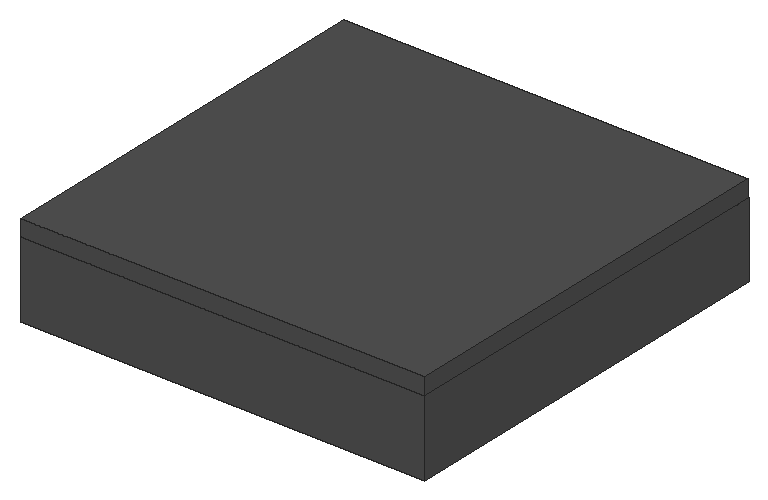
Revit family "M_Luminária comercial - Parabólica quadrada", category Luminárias, Revit 2019
Family settings
  Hospedeiro = Forro
  Cota do conector redondo = Utilizar diâmetro
  Tipo de parte = Normal
  Número OmniClass = 23.80.70.11.14.11
  Título OmniClass = Downlights
  ID de item do Seek = Troffer Light - Parabolic Square-0000-CAN-ENU
  Sempre na vertical = Sim
  Corte com vazios quando carregada = Não
  Fonte luminosa = Sim
  Compartilhado = Não
  Ponto de cálculo do ambiente = Não
Parameters (values of type "0600x0600 mm(2 Lâmpadas) - 120V")
  Wattage = 40 W
  built-in parameter 1150110 = 1 (stored number, unit not read)
  built-in parameter 1114217 = 0.88 (stored number, unit not read)
  built-in parameter 1150109 = 1 (stored number, unit not read)
  built-in parameter 1150134 = 8
  built-in parameter 1150113 = 1 (stored number, unit not read)
  built-in parameter 1150115 = 1 (stored number, unit not read)
  built-in parameter 1150105 = 827.61 (stored number, unit not read)
  Classificação de carga = Iluminação - Unidade de interrupção
  Light Source Symbol Size = 609.6 mm
  built-in parameter 1150137 = 1
  built-in parameter 1150139 = (empty or 0)
  built-in parameter 1150112 = 1 (stored number, unit not read)
  built-in parameter 1150114 = 1 (stored number, unit not read)
  built-in parameter 1150132 = (empty or 0)
  built-in parameter 1150102 = (empty or 0)
  built-in parameter 1150138 = (empty or 0)
  built-in parameter 1150107 = 4230 (stored number, unit not read)
  built-in parameter 1150106 = 8.2761 (stored number, unit not read)
  Material do eixo = Aço, acabamento de pintura, cinza escuro, fosco
  Emit from Rectangle Width = 550 mm
  Emit from Rectangle Length = 550 mm
  Emitir forma visível na renderização = no
  built-in parameter 1150104 = 6.0387 (stored number, unit not read)
  Troca de temperatura da cor de lâmpada com esmaecimento = <Nenhum>
  Filtro de cor = 16777215
  built-in parameter 1140040 [instance] = (empty or 0)
  Voltagem do transformador = 120 V
  Transformador por número de postes = 1
  built-in parameter 1114218 = 0.88 (stored number, unit not read)
  built-in parameter 1150133 = 10 (stored number, unit not read)
  Código de montagem = "D5020210"
  Material do difusor = Vidro, Branco, Alta Luminosidade
  Lâmpada = "T-12"
  Material da caixa de luz = Aço, Cromo polido
  Lumens = 2600 lm
  Wattage Comments = ""
  Apparent Load = 40 VA
Types (4, lengths in mm): name | Wattage | built-in parameter 1150105 | built-in parameter 1150106 | built-in parameter 1140040 | Voltagem do transformador | Lumens | Apparent Load
  0600x0600 mm(2 Lâmpadas) - 120V | 40 W | 827.61 (stored number, unit not read) | 8.2761 (stored number, unit not read) | (empty or 0) | 120 V | 2600 lm | 40 VA
  0600x0600 mm(2 Lâmpadas) - 277V | 40 W | 827.61 (stored number, unit not read) | 8.2761 (stored number, unit not read) | (empty or 0) | 277 V | 2600 lm | 40 VA
  0600x0600 mm(4 Lâmpadas) - 120V | 80 W | 1655.2 (stored number, unit not read) | 16.552 (stored number, unit not read) | 1 | 120 V | 5200 lm | 80 VA
  0600x0600 mm(4 Lâmpadas) - 277V | 80 W | 1655.2 (stored number, unit not read) | 16.552 (stored number, unit not read) | 1 | 277 V | 5200 lm | 80 VA
Reference planes
  plane 1 "Eixo de origem da luz": y = -59.466
  plane 2 "Forro": z = 2438.4
  plane 3 "Eixo de origem da luz": x = -18.704
  plane 4 "Elevação da origem da luz": z = 2413
  plane 5: x = -323.504
  plane 6: x = 286.096
  plane 7: y = 245.334
  plane 8: y = -364.266
  plane 9: y = 32.609
  plane 10: y = -151.541
  plane 11: y = 216.759
  plane 12: y = -335.691
  plane 13: x = -294.929
  plane 14: x = 257.521
  plane 15: x = -110.779
  plane 16: x = 73.371
  plane 17: y = 32.609
  plane 18: y = -151.541
  plane 19: y = 216.759
  plane 20: y = -335.691
  plane 21: x = -294.929
  plane 22: x = 257.521
  plane 23: x = -110.779
  plane 24: x = 73.371
Forms (mm)
  Extrusion 1, solid, material "Aço, Cromo polido" <- "Material da caixa de luz"
    sketch origin (0, 0, 2438.4) x (1, 0, 0) y (0, 1, 0)
      loop
        line (-323.504, 245.334) -> (-323.504, -364.266) -> (286.096, -364.266) -> (286.096, 245.334) -> (-323.504, 245.334)
      loop
        line (-298.104, 219.934) -> (-298.104, -338.866) -> (260.696, -338.866) -> (260.696, 219.934) -> (-298.104, 219.934)
    from 0 to 114.3
  Extrusion 2, solid, material "Aço, Cromo polido" <- "Material da caixa de luz"
    sketch origin (0, 0, 2438.4) x (1, 0, 0) y (0, 1, 0)
      loop
        line (-323.504, 245.334) -> (-323.504, -364.266) -> (286.096, -364.266) -> (286.096, 245.334) -> (-323.504, 245.334)
    from 114.3 to 139.7
  Extrusion 3, solid, material "Vidro, Branco, Alta Luminosidade" <- "Material do difusor"
    sketch origin (0, 0, 2438.4) x (1, 0, 0) y (0, 1, 0)
      loop
        line (-298.104, 219.934) -> (-298.104, -338.866) -> (260.696, -338.866) -> (260.696, 219.934) -> (-298.104, 219.934)
      loop
        line (-291.754, 35.784) -> (-113.954, 35.784) -> (-113.954, 213.584) -> (-291.754, 213.584) -> (-291.754, 35.784)
      loop
        line (-291.754, -148.366) -> (-113.954, -148.366) -> (-113.954, 29.434) -> (-291.754, 29.434) -> (-291.754, -148.366)
      loop
        line (-291.754, -154.716) -> (-291.754, -332.516) -> (-113.954, -332.516) -> (-113.954, -154.716) -> (-291.754, -154.716)
      loop
        line (-107.604, 35.784) -> (70.196, 35.784) -> (70.196, 213.584) -> (-107.604, 213.584) -> (-107.604, 35.784)
      loop
        line (-107.604, -148.366) -> (70.196, -148.366) -> (70.196, 29.434) -> (-107.604, 29.434) -> (-107.604, -148.366)
      loop
        line (-107.604, -154.716) -> (-107.604, -332.516) -> (70.196, -332.516) -> (70.196, -154.716) -> (-107.604, -154.716)
      loop
        line (76.546, 35.784) -> (254.346, 35.784) -> (254.346, 213.584) -> (76.546, 213.584) -> (76.546, 35.784)
      loop
        line (76.546, -148.366) -> (254.346, -148.366) -> (254.346, 29.434) -> (76.546, 29.434) -> (76.546, -148.366)
      loop
        line (76.546, -154.716) -> (76.546, -332.516) -> (254.346, -332.516) -> (254.346, -154.716) -> (76.546, -154.716)
    from 3.175 to 50.8
  Extrusion 4, solid, material "Vidro, Branco, Alta Luminosidade" <- "Material do difusor"
    sketch origin (0, 0, 2438.4) x (1, 0, 0) y (0, 1, 0)
      loop
        line (-298.104, 219.934) -> (-298.104, -338.866) -> (260.696, -338.866) -> (260.696, 219.934) -> (-298.104, 219.934)
    from 76.2 to 82.55
  Extrusion 5, solid, material "Aço, acabamento de pintura, cinza escuro, fosco" <- "Material do eixo"
    sketch origin (0, 0, 2438.4) x (1, 0, 0) y (0, 1, 0)
      loop
        line (-298.104, 219.934) -> (-298.104, -338.866) -> (260.696, -338.866) -> (260.696, 219.934) -> (-298.104, 219.934)
      loop
        line (-291.754, 35.784) -> (-113.954, 35.784) -> (-113.954, 213.584) -> (-291.754, 213.584) -> (-291.754, 35.784)
      loop
        line (-291.754, -148.366) -> (-113.954, -148.366) -> (-113.954, 29.434) -> (-291.754, 29.434) -> (-291.754, -148.366)
      loop
        line (-291.754, -154.716) -> (-291.754, -332.516) -> (-113.954, -332.516) -> (-113.954, -154.716) -> (-291.754, -154.716)
      loop
        line (-107.604, 35.784) -> (70.196, 35.784) -> (70.196, 213.584) -> (-107.604, 213.584) -> (-107.604, 35.784)
      loop
        line (-107.604, -148.366) -> (70.196, -148.366) -> (70.196, 29.434) -> (-107.604, 29.434) -> (-107.604, -148.366)
      loop
        line (-107.604, -154.716) -> (-107.604, -332.516) -> (70.196, -332.516) -> (70.196, -154.716) -> (-107.604, -154.716)
      loop
        line (76.546, 35.784) -> (254.346, 35.784) -> (254.346, 213.584) -> (76.546, 213.584) -> (76.546, 35.784)
      loop
        line (76.546, -148.366) -> (254.346, -148.366) -> (254.346, 29.434) -> (76.546, 29.434) -> (76.546, -148.366)
      loop
        line (76.546, -154.716) -> (76.546, -332.516) -> (254.346, -332.516) -> (254.346, -154.716) -> (76.546, -154.716)
    from 0 to 3.175
Lines and regions (mm)
  Opening 1
    outline origin (0, 0, 2438.4) x (1, 0, 0) y (0, 1, 0)
      loop
        line (-323.504, 245.334) -> (-323.504, -364.266) -> (286.096, -364.266) -> (286.096, 245.334) -> (-323.504, 245.334)
  model lines
    curve 1: line (-298.104, 219.934, 2438.4) -> (260.696, 219.934, 2438.4)
    curve 2: line (-298.104, -338.866, 2438.4) -> (-298.104, 219.934, 2438.4)
    curve 3: line (260.696, -338.866, 2438.4) -> (-298.104, -338.866, 2438.4)
    curve 4: line (260.696, 219.934, 2438.4) -> (260.696, -338.866, 2438.4)
  symbolic lines
    curve 5: arc (164.176, -59.466, 0) -> (-18.704, 123.414, 0) -> (-201.584, -59.466, 0) r 182.88
    curve 6: arc (-201.584, -59.466, 0) -> (-18.704, -242.346, 0) -> (164.176, -59.466, 0) r 182.88
    curve 7: line (-298.104, -338.866, 0) -> (-148.019, -188.782, 0)
    curve 8: line (110.612, -188.782, 0) -> (260.696, -338.866, 0)
    curve 9: line (260.696, 219.934, 0) -> (110.612, 69.85, 0)
    curve 10: line (-148.019, 69.85, 0) -> (-298.104, 219.934, 0)
    curve 11: line (-298.104, 219.934, 0) -> (260.696, 219.934, 0)
    curve 12: line (260.696, 219.934, 0) -> (260.696, -338.866, 0)
    curve 13: line (260.696, -338.866, 0) -> (-298.104, -338.866, 0)
    curve 14: line (-298.104, -338.866, 0) -> (-298.104, 219.934, 0)
Dimensions and locks
  equal spacing: host sketch curve, plane 3 "Eixo de origem da luz", host sketch curve
  equal spacing: host sketch curve, plane 1 "Eixo de origem da luz", host sketch curve
  host sketch curve to host sketch curve = 3048 mm  (x2)
  equal spacing: plane 5, plane 3 "Eixo de origem da luz", plane 6
  equal spacing: plane 8, plane 1 "Eixo de origem da luz", plane 7
  locked: plane 5 to plane 6 at 609.6
  locked: plane 8 to plane 7 at 609.6
  locked: Extrusion 1 sketch curve to Extrusion 1 sketch curve at 25.4
  equal spacing: plane 11, plane 9, plane 10, plane 12
  equal spacing: plane 19, plane 17, plane 18, plane 20
  aligned and locked: plane 3 "Eixo de origem da luz" to imposter light
  aligned and locked: plane 1 "Eixo de origem da luz" to imposter light
  aligned and locked: plane 2 "Forro" to imposter light
Automatic sketch dimensions
  Opening 1 sketch curve to plane 5 = 0 mm
  Opening 1 sketch curve to plane 6 = 0 mm
  Opening 1 sketch curve to plane 8 = 0 mm
  Opening 1 sketch curve to plane 7 = 0 mm
  Extrusion 1 sketch curve to plane 5 = 0 mm
  Extrusion 1 sketch curve to plane 6 = 0 mm
  Extrusion 1 sketch curve to plane 8 = 0 mm
  Extrusion 1 sketch curve to plane 7 = 0 mm
  Extrusion 1 sketch curve to plane 5 = 25.4 mm
  plane 6 to Extrusion 1 sketch curve = 25.4 mm
  Extrusion 1 sketch curve to plane 8 = 25.4 mm
  Extrusion 2 sketch curve to plane 5 = 0 mm
  Extrusion 2 sketch curve to plane 6 = 0 mm
  Extrusion 2 sketch curve to plane 8 = 0 mm
  Extrusion 2 sketch curve to plane 7 = 0 mm
  Extrusion 4 sketch curve to plane 5 = 25.4 mm
  plane 6 to Extrusion 4 sketch curve = 25.4 mm
  Extrusion 4 sketch curve to plane 8 = 25.4 mm
  plane 7 to Extrusion 4 sketch curve = 25.4 mm
  plane 13 to Extrusion 3 sketch curve = 3.175 mm
  Extrusion 3 sketch curve to plane 13 = 3.175 mm  (x3)
  plane 15 to Extrusion 3 sketch curve = 3.175 mm  (x3)
  Extrusion 3 sketch curve to plane 15 = 3.175 mm  (x3)
  plane 16 to Extrusion 3 sketch curve = 3.175 mm  (x3)
  Extrusion 3 sketch curve to plane 16 = 3.175 mm  (x3)
  plane 14 to Extrusion 3 sketch curve = 3.175 mm  (x3)
  Extrusion 3 sketch curve to plane 14 = 3.175 mm
  Extrusion 3 sketch curve to plane 12 = 3.175 mm
  plane 12 to Extrusion 3 sketch curve = 3.175 mm  (x3)
  plane 10 to Extrusion 3 sketch curve = 3.175 mm  (x3)
  Extrusion 3 sketch curve to plane 10 = 3.175 mm  (x3)
  plane 9 to Extrusion 3 sketch curve = 3.175 mm  (x3)
  Extrusion 3 sketch curve to plane 9 = 3.175 mm  (x3)
  Extrusion 3 sketch curve to plane 11 = 3.175 mm  (x3)
  plane 11 to Extrusion 3 sketch curve = 3.175 mm
  plane 21 to Extrusion 5 sketch curve = 3.175 mm
  Extrusion 5 sketch curve to plane 21 = 3.175 mm  (x3)
  plane 23 to Extrusion 5 sketch curve = 3.175 mm  (x3)
  Extrusion 5 sketch curve to plane 23 = 3.175 mm  (x3)
  plane 24 to Extrusion 5 sketch curve = 3.175 mm  (x3)
  Extrusion 5 sketch curve to plane 24 = 3.175 mm  (x3)
  plane 22 to Extrusion 5 sketch curve = 3.175 mm  (x3)
  Extrusion 5 sketch curve to plane 22 = 3.175 mm
  Extrusion 5 sketch curve to plane 20 = 3.175 mm
  plane 20 to Extrusion 5 sketch curve = 3.175 mm  (x3)
  plane 18 to Extrusion 5 sketch curve = 3.175 mm  (x3)
  Extrusion 5 sketch curve to plane 18 = 3.175 mm  (x3)
  plane 17 to Extrusion 5 sketch curve = 3.175 mm  (x3)
  Extrusion 5 sketch curve to plane 17 = 3.175 mm  (x3)
  Extrusion 5 sketch curve to plane 19 = 3.175 mm  (x3)
  plane 19 to Extrusion 5 sketch curve = 3.175 mm
  curve 6 to plane 1 "Eixo de origem da luz" = 0 mm
  curve 6 to plane 3 "Eixo de origem da luz" = 0 mm
  curve 2 to plane 5 = 25.4 mm
  curve 10 to curve 1 = 0 mm  (x2)
  plane 1 "Eixo de origem da luz" to curve 7 = 129.316 mm
  plane 1 "Eixo de origem da luz" to curve 8 = 129.316 mm
  curve 9 to plane 1 "Eixo de origem da luz" = 129.316 mm
  plane 6 to curve 4 = 25.4 mm
  curve 8 to curve 3 = 0 mm  (x2)
  curve 9 to curve 1 = 0 mm  (x2)
  curve 7 to plane 8 = 25.4 mm
  curve 10 to plane 1 "Eixo de origem da luz" = 129.316 mm
  plane 7 to curve 1 = 25.4 mm
  curve 7 to curve 2 = 0 mm
  curve 3 to plane 8 = 25.4 mm
  curve 14 to plane 5 = 25.4 mm
  plane 6 to curve 13 = 25.4 mm
  curve 13 to plane 8 = 25.4 mm
  plane 7 to curve 12 = 25.4 mm
Connectors
  electrical at (-18.704, -59.466, 2441.575), driven by "Apparent Load", driven by "Voltagem do transformador", driven by "Transformador por número de postes", driven by "Classificação de carga"
    settings: on Extrusion 3, index 1, voltage 120 V, apparent load 0 VA, apparent load phase1 40 VA, apparent load phase2 0 VA, apparent load phase3 0 VA, power factor 0.95, load classification "Iluminação - Unidade de interrupção", number of poles 1, system type 31, power factor state 1, is connector primary yes, connector utility no, sub classification motor no, connector description ""
